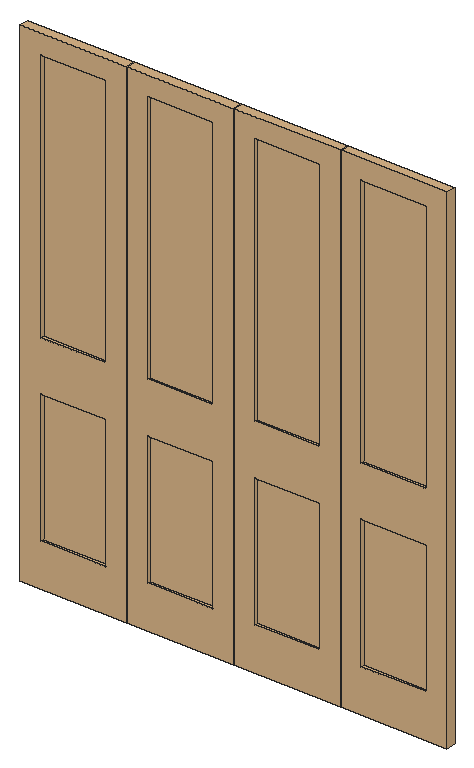
Revit family
Parameters (values of type "72" x 84"")
  Thickness = 0' - 2"
  Assembly Code = "C1020"
  Description = ""
  Door Material = Door - Panel
  Frame Material = Door - Frame
  Height = 7' - 0"
  Wall Closure = (empty or 0)
  Width = 6' - 0"
Types (5): name | Thickness | Assembly Code | Height | Width
  48" x  84" | 0' - 2" | "C1020" | 7' - 0" | 4' - 0"
  60" x 84" | 0' - 2" | "C1020" | 7' - 0" | 5' - 0"
  72" x 84" | 0' - 2" | "C1020" | 7' - 0" | 6' - 0"
  72" x 80" | 0' - 2" | "C1020" | 6' - 8" | 6' - 0"
  1830 x 2134mm | 0' - 1.9685" | "" | 7' - 0.01575" | 6' - 0.04724"
Reference planes (in)
  plane 1: y = 0
  plane 2 "Center": x = 0
  plane 3 "Left": x = -36
  plane 4 "Right": x = 36
  plane 5 "Top": z = 84
  plane 6: x = -18
  plane 7: x = 18
  plane 8: z = 42
  plane 9: x = -20
  plane 10: x = -4
  plane 11: y = 1.5
  plane 12: x = 4
  plane 13: x = 20
  plane 14: y = 0
  plane 15: y = -1.5
  plane 16: z = 7.25
  plane 17: z = 80.75
  plane 18: z = 29.5
  plane 19: z = 38
  plane 20: x = 32.5
  plane 21: x = 21.5
  plane 22: x = 3.5
  plane 23: x = 14.5
  plane 24: x = -3.5
  plane 25: x = -14.5
  plane 26: x = -21.5
  plane 27: x = -32.5
  plane 28: y = 1
  plane 29: y = 0.5
Forms (in)
  Extrusion 1, solid, material "Door - Panel" <- "Door Material"
    sketch origin (-60, 1.5, 0) x (-1, 0, 0) y (0, 0, 1)
      loop
        line (-96, 0) -> (-78, 0) -> (-78, 84) -> (-96, 84) -> (-96, 0)
      loop
        line (-92.5, 80.75) -> (-92.5, 38) -> (-81.5, 38) -> (-81.5, 80.75) -> (-92.5, 80.75)
      loop
        line (-92.5, 29.5) -> (-92.5, 7.25) -> (-81.5, 7.25) -> (-81.5, 29.5) -> (-92.5, 29.5)
    from 0 to -1.5
  Extrusion 2, solid, material "Door - Panel" <- "Door Material"
    sketch origin (-60, 1.5, 0) x (-1, 0, 0) y (0, 0, 1)
      loop
        line (-78, 0) -> (-60, 0) -> (-60, 84) -> (-78, 84) -> (-78, 0)
      loop
        line (-74.5, 80.75) -> (-74.5, 38) -> (-63.5, 38) -> (-63.5, 80.75) -> (-74.5, 80.75)
      loop
        line (-74.5, 29.5) -> (-74.5, 7.25) -> (-63.5, 7.25) -> (-63.5, 29.5) -> (-74.5, 29.5)
    from 0 to -1.5
  Extrusion 3, solid, material "Door - Panel" <- "Door Material"
    sketch origin (-60, 1.5, 0) x (-1, 0, 0) y (0, 0, 1)
      loop
        line (-60, 0) -> (-42, 0) -> (-42, 84) -> (-60, 84) -> (-60, 0)
      loop
        line (-56.5, 80.75) -> (-56.5, 38) -> (-45.5, 38) -> (-45.5, 80.75) -> (-56.5, 80.75)
      loop
        line (-56.5, 29.5) -> (-56.5, 7.25) -> (-45.5, 7.25) -> (-45.5, 29.5) -> (-56.5, 29.5)
    from 0 to -1.5
  Extrusion 4, solid, material "Door - Panel" <- "Door Material"
    sketch origin (-60, 1.5, 0) x (-1, 0, 0) y (0, 0, 1)
      loop
        line (-42, 0) -> (-24, 0) -> (-24, 84) -> (-42, 84) -> (-42, 0)
      loop
        line (-38.5, 80.75) -> (-38.5, 38) -> (-27.5, 38) -> (-27.5, 80.75) -> (-38.5, 80.75)
      loop
        line (-38.5, 29.5) -> (-38.5, 7.25) -> (-27.5, 7.25) -> (-27.5, 29.5) -> (-38.5, 29.5)
    from 0 to -1.5
  Extrusion 5, solid, material "Door - Panel" <- "Door Material"
    sketch origin (-60, 1.5, 0) x (-1, 0, 0) y (0, 0, 1)
      loop
        line (-92.5, 80.75) -> (-92.5, 38) -> (-81.5, 38) -> (-81.5, 80.75) -> (-92.5, 80.75)
      loop
        line (-92.5, 29.5) -> (-92.5, 7.25) -> (-81.5, 7.25) -> (-81.5, 29.5) -> (-92.5, 29.5)
      loop
        line (-74.5, 80.75) -> (-74.5, 38) -> (-63.5, 38) -> (-63.5, 80.75) -> (-74.5, 80.75)
      loop
        line (-74.5, 29.5) -> (-74.5, 7.25) -> (-63.5, 7.25) -> (-63.5, 29.5) -> (-74.5, 29.5)
      loop
        line (-56.5, 29.5) -> (-56.5, 7.25) -> (-45.5, 7.25) -> (-45.5, 29.5) -> (-56.5, 29.5)
      loop
        line (-45.5, 80.75) -> (-56.5, 80.75) -> (-56.5, 38) -> (-45.5, 38) -> (-45.5, 80.75)
      loop
        line (-27.5, 80.75) -> (-38.5, 80.75) -> (-38.5, 38) -> (-27.5, 38) -> (-27.5, 80.75)
      loop
        line (-27.5, 29.5) -> (-38.5, 29.5) -> (-38.5, 7.25) -> (-27.5, 7.25) -> (-27.5, 29.5)
    from -1 to -0.5
Lines and regions (in)
  Opening 1
    outline origin (-90, -1.5, 0) x (1, 0, 0) y (0, 0, 1)
      loop
        line (54, 0) -> (126, 0) -> (126, 84) -> (54, 84) -> (54, 0)
  symbolic lines, style "InvisibleLines", detail levels coarse
    curve 1: line (-36, 1.5, 0) -> (-20, 9.88176, 0)
    curve 2: line (-20, 9.88176, 0) -> (-4, 1.5, 0)
    curve 11: line (20.00421, 9.88176, 0) -> (35.91046, 1.54911, 0)
    curve 15: line (19.99579, 9.88176, 0) -> (3.99579, 1.5, 0)
  symbolic lines, style "DoorsPanelProjection"
    curve 3: line (-35.99579, 1.4922, 0) -> (-20.80462, 11.14769, 0)
    curve 4: line (-35.19117, 0.22627, 0) -> (-35.99579, 1.4922, 0)
    curve 5: line (-20, 9.88176, 0) -> (-35.19117, 0.22627, 0)
    curve 6: line (-20.80462, 11.14769, 0) -> (-20, 9.88176, 0)
    curve 7: line (-4.00421, 1.4922, 0) -> (-19.19538, 11.14769, 0)
    curve 8: line (-4.80883, 0.22627, 0) -> (-4.00421, 1.4922, 0)
    curve 9: line (-20, 9.88176, 0) -> (-4.80883, 0.22627, 0)
    curve 10: line (-19.19538, 11.14769, 0) -> (-20, 9.88176, 0)
    curve 12: line (35.91046, 1.54911, 0) -> (20.80883, 11.14769, 0)
    curve 13: line (20.00421, 9.88176, 0) -> (35.19538, 0.22627, 0)
    curve 14: line (20.80883, 11.14769, 0) -> (20.00421, 9.88176, 0)
    curve 16: line (4, 1.4922, 0) -> (19.19117, 11.14769, 0)
    curve 17: line (4.80462, 0.22627, 0) -> (4, 1.4922, 0)
    curve 18: line (19.99579, 9.88176, 0) -> (4.80462, 0.22627, 0)
    curve 19: line (19.19117, 11.14769, 0) -> (19.99579, 9.88176, 0)
    curve 20: line (35.19538, 0.22627, 0) -> (35.91046, 1.54911, 0)
  symbolic lines, style "Elevation Swing"
    curve 21: line (18, 0, 84) -> (36, 0, 42)
    curve 22: line (36, 0, 42) -> (18, 0, 0)
    curve 23: line (0, 0, 0) -> (18, 0, 42)
    curve 24: line (18, 0, 42) -> (0, 0, 84)
    curve 25: line (0, 0, 84) -> (-18, 0, 42)
    curve 26: line (-18, 0, 42) -> (0, 0, 0)
    curve 27: line (-18, 0, 84) -> (-36, 0, 42)
    curve 28: line (-36, 0, 42) -> (-18, 0, 0)
Text (in)
  text "Exterior" at (-58.67754, 9.66748, 0), in view "Floor Line"
  text "Interior" at (-58.34764, -8.28425, 0), in view "Floor Line"
  text "Exterior" at (0, 40.15149, 123.01588), in view "Right"
  text "Interior" at (0, -64.39139, 123.01588), in view "Right"
  text "Interior" at (0, -31.01599, 123.00693), in view "Left"
  text "Exterior" at (0, 54.57065, 123.00693), in view "Left"
Dimensions and locks (in)
  "Height": host wall to plane 5 "Top"
  locked: plane 10 to plane 2 "Center" at 4
  locked: plane 2 "Center" to plane 12 at 4
  "Width": plane 3 "Left" to plane 4 "Right"
  locked: plane 14 to plane 11 at 1.5
  equal spacing: plane 3 "Left", plane 9, plane 10
  equal spacing: plane 12, plane 13, plane 4 "Right"
  equal spacing: plane 3 "Left", plane 6, plane 2 "Center", plane 7, plane 4 "Right"
  level to plane 16 to plane 18 to plane 19 = 0' - 7 1/4", 1' - 10 1/4", 0' - 8 1/2"
  plane 17 to plane 5 "Top" = 0' - 3 1/4"
  plane 4 "Right" to plane 20 = 0' - 3 1/2"
  plane 21 to plane 7 = 0' - 3 1/2"
  plane 7 to plane 23 = 0' - 3 1/2"
  plane 22 to plane 2 "Center" = 0' - 3 1/2"
  plane 2 "Center" to plane 24 = 0' - 3 1/2"
  plane 25 to plane 6 = 0' - 3 1/2"
  plane 6 to plane 26 = 0' - 3 1/2"
  plane 27 to plane 3 "Left" = 0' - 3 1/2"
  locked: plane 11 to host wall at 0
  plane 29 to plane 28 to plane 11 = 0' - 0 1/2" locked, 0' - 0 1/2" locked
  locked: plane 8 to plane 5 "Top" at 42
  aligned and locked: plane 3 "Left" to Opening 1 sketch curve
  aligned and locked: plane 5 "Top" to Opening 1 sketch curve  (x2)
  aligned and locked: Opening 1 sketch curve to plane 4 "Right"
  aligned and locked: Opening 1 sketch curve to level
  aligned and locked: plane 15 to host wall
  aligned and locked: Extrusion 5 sketch curve to Extrusion 1  (x3)
  aligned and locked: Extrusion 5 sketch curve to Extrusion 2  (x4)
  aligned and locked: Extrusion 5 sketch curve to Extrusion 3  (x4)
  aligned and locked: Extrusion 5 sketch curve to Extrusion 4  (x2)
  aligned and locked: Extrusion 5 to plane 28
  aligned and locked: plane 29 to Extrusion 5
Automatic sketch dimensions
  Extrusion 1 sketch curve to level = 0' - 0"
  Extrusion 1 sketch curve to plane 4 "Right" = 0' - 0"
  Extrusion 1 sketch curve to plane 18 = 0' - 0"
  Extrusion 1 sketch curve to plane 20 = 0' - 0"  (x2)
  Extrusion 1 sketch curve to plane 16 = 0' - 0"
  Extrusion 1 sketch curve to plane 17 = 0' - 0"
  Extrusion 1 sketch curve to plane 21 = 0' - 0"  (x2)
  Extrusion 1 sketch curve to plane 7 = 0' - 0"
  Extrusion 1 sketch curve to plane 19 = 0' - 0"
  Extrusion 1 sketch curve to plane 5 "Top" = 0' - 0"
  Extrusion 2 sketch curve to level = 0' - 0"
  Extrusion 2 sketch curve to plane 7 = 0' - 0"
  Extrusion 2 sketch curve to plane 2 "Center" = 0' - 0"
  Extrusion 2 sketch curve to plane 5 "Top" = 0' - 0"
  Extrusion 3 sketch curve to level = 0' - 0"
  Extrusion 3 sketch curve to plane 2 "Center" = 0' - 0"
  Extrusion 3 sketch curve to plane 6 = 0' - 0"
  Extrusion 3 sketch curve to plane 5 "Top" = 0' - 0"
  Extrusion 4 sketch curve to level = 0' - 0"
  Extrusion 4 sketch curve to plane 6 = 0' - 0"
  Extrusion 4 sketch curve to plane 19 = 0' - 0"
  Extrusion 4 sketch curve to plane 26 = 0' - 0"  (x2)
  Extrusion 4 sketch curve to plane 17 = 0' - 0"
  Extrusion 4 sketch curve to plane 27 = 0' - 0"  (x2)
  Extrusion 4 sketch curve to plane 3 "Left" = 0' - 0"
  Extrusion 4 sketch curve to plane 5 "Top" = 0' - 0"
  Extrusion 5 sketch curve to plane 16 = 0' - 0"  (x4)
  Extrusion 5 sketch curve to plane 26 = 0' - 0"  (x2)
  Extrusion 5 sketch curve to plane 27 = 0' - 0"  (x2)
  Extrusion 5 sketch curve to plane 18 = 0' - 0"  (x4)
  Extrusion 2 sketch curve to plane 16 = 0' - 0"
  Extrusion 2 sketch curve to plane 23 = 0' - 0"  (x2)
  Extrusion 2 sketch curve to plane 18 = 0' - 0"
  Extrusion 2 sketch curve to plane 22 = 0' - 0"  (x2)
  Extrusion 2 sketch curve to plane 19 = 0' - 0"
  Extrusion 3 sketch curve to plane 16 = 0' - 0"
  Extrusion 3 sketch curve to plane 24 = 0' - 0"  (x2)
  Extrusion 3 sketch curve to plane 18 = 0' - 0"
  Extrusion 3 sketch curve to plane 25 = 0' - 0"  (x2)
  Extrusion 3 sketch curve to plane 19 = 0' - 0"
  Extrusion 4 sketch curve to plane 16 = 0' - 0"
  Extrusion 4 sketch curve to plane 18 = 0' - 0"
  Extrusion 5 sketch curve to plane 17 = 0' - 0"
  Extrusion 5 sketch curve to plane 20 = 0' - 0"
  Extrusion 5 sketch curve to plane 19 = 0' - 0"
  Extrusion 2 sketch curve to plane 17 = 0' - 0"
  Extrusion 5 sketch curve to plane 23 = 0' - 0"
  Extrusion 5 sketch curve to plane 22 = 0' - 0"
  Extrusion 3 sketch curve to plane 17 = 0' - 0"
  Extrusion 5 sketch curve to plane 24 = 0' - 0"
  Extrusion 5 sketch curve to plane 25 = 0' - 0"
  curve 1 to host wall = 0' - 0"
  curve 1 to plane 3 "Left" = 0' - 0"
  curve 5 to plane 9 = 0' - 0"
  curve 2 to host wall = 0' - 0"
  curve 2 to plane 10 = 0' - 0"
  curve 15 to host wall = 0' - 0"
  curve 16 to plane 12 = 0' - 0"
  curve 4 to plane 3 "Left" = 0' - 0.00421"
  curve 5 to plane 14 = 0' - 0.22627"
  curve 5 to plane 3 "Left" = 0' - 0.80883"
  curve 7 to plane 9 = 0' - 0.80462"
  curve 9 to plane 14 = 0' - 0.22627"
  plane 10 to curve 9 = 0' - 0.80883"
  plane 12 to curve 15 = 0' - 0.00421"
  curve 18 to plane 14 = 0' - 0.22627"
  curve 18 to plane 12 = 0' - 0.80462"
  plane 13 to curve 19 = 0' - 0.80883"
  curve 13 to plane 13 = 0' - 0.00421"
  curve 12 to plane 21 = 0' - 0.69117"
  curve 20 to plane 14 = 0' - 0.22627"
  plane 4 "Right" to curve 20 = 0' - 0.80462"
  curve 13 to plane 14 = 0' - 0.22627"
  curve 13 to curve 20 = 0' - 0"
  host wall to curve 11 = 0' - 0.04911"
  plane 4 "Right" to curve 11 = 0' - 0.08954"
  curve 20 to curve 11 = 0' - 0"  (x2)
  curve 4 to host wall = 0' - 0 1/128"
  curve 16 to host wall = 0' - 0 1/128"
  curve 25 to plane 2 "Center" = 0' - 0"
  curve 25 to plane 5 "Top" = 0' - 0"
  curve 21 to plane 5 "Top" = 0' - 0"
  curve 27 to plane 5 "Top" = 0' - 0"
  curve 25 to plane 6 = 0' - 0"
  curve 25 to plane 8 = 0' - 0"
  curve 23 to plane 7 = 0' - 0"
  curve 23 to plane 8 = 0' - 0"
  curve 21 to plane 4 "Right" = 0' - 0"
  curve 21 to plane 8 = 0' - 0"
  curve 27 to plane 3 "Left" = 0' - 0"
  curve 27 to plane 8 = 0' - 0"
  curve 22 to level = 0' - 0"
  curve 23 to level = 0' - 0"
  curve 28 to level = 0' - 0"
  curve 28 to plane 6 = 0' - 0"
  curve 27 to plane 6 = 0' - 0"
  curve 23 to plane 2 "Center" = 0' - 0"
  curve 22 to plane 7 = 0' - 0"
  curve 21 to plane 7 = 0' - 0"
